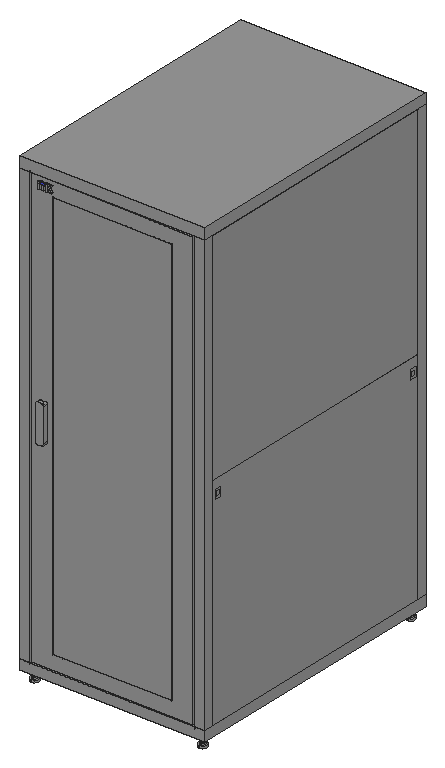
Revit family "ITK by ZPAS_Шкаф серверный_Напольный_42U-47U_IP20", category Электрооборудование, Revit 2019 (continued)
Types (48, lengths in mm): name | Ширина | Материал стекла (перфорации) | Материал | Комплект двери перфорированной распашной_ITK | Комплект двери перфорированной задней_ITK | Глубина | Высота общая | Высота | IEK_Цена за единицу | IEK_URL | ADSK_Наименование | ADSK_Масса | ADSK_Код изделия
  В2200хШ600хГ1000_Черный_P2P | 600 | Окраска - RAL 9005 перфорация | Окраска - RAL 9005 | yes | no | 1000 | 2243 | 2200 | 164217.5 | "https://www.itk-group.ru/produktsiya/catalog/oborudovanie_telekommunikatsionnoe/kompleksnye_resheniya_dlya_tsod/shkafy_i_aksessuary_dlya_tsod/shkafy_servernye_itk_by_zpas/itk_by_zpas_shkaf_servernyy_19_47u_600kh1000mm_dvukhdvernyy_chernyy" | "ITK by ZPAS Шкаф серв. 19\" 47U В2200хШ600хГ1000 двухдверный черный" | 114 | "ZP05-47U-0610-P2P"
  В2200хШ600хГ1000_Черный_PP | 600 | Окраска - RAL 9005 перфорация | Окраска - RAL 9005 | no | yes | 1000 | 2243 | 2200 | 156645.88 | "https://www.itk-group.ru/produktsiya/catalog/oborudovanie_telekommunikatsionnoe/kompleksnye_resheniya_dlya_tsod/shkafy_i_aksessuary_dlya_tsod/shkafy_servernye_itk_by_zpas/itk_by_zpas_shkaf_servernyy_19_47u_600kh1000mm_odnodvernyy_chernyy" | "ITK by ZPAS Шкаф серв. 19\" 47U В2200хШ600хГ1000 однодверный черный" | 113 | "ZP05-47U-0610-PP"
  В2200хШ600хГ1200_Черный_P2P | 600 | Окраска - RAL 9005 перфорация | Окраска - RAL 9005 | yes | no | 1200 | 2243 | 2200 | 167196.5 | "https://www.itk-group.ru/produktsiya/catalog/oborudovanie_telekommunikatsionnoe/kompleksnye_resheniya_dlya_tsod/shkafy_i_aksessuary_dlya_tsod/shkafy_servernye_itk_by_zpas/itk_by_zpas_shkaf_servernyy_19_47u_600kh1200mm_dvukhdvernyy_chernyy" | "ITK by ZPAS Шкаф серв. 19\" 47U В2200хШ600хГ1200 двухдверный черный" | 100 | "ZP05-47U-0612-P2P"
  В2200хШ600хГ1200_Черный_PP | 600 | Окраска - RAL 9005 перфорация | Окраска - RAL 9005 | no | yes | 1200 | 2243 | 2200 | 159624.88 | "https://www.itk-group.ru/produktsiya/catalog/oborudovanie_telekommunikatsionnoe/kompleksnye_resheniya_dlya_tsod/shkafy_i_aksessuary_dlya_tsod/shkafy_servernye_itk_by_zpas/itk_by_zpas_shkaf_servernyy_19_47u_600kh1200mm_odnodvernyy_chernyy" | "ITK by ZPAS Шкаф серв. 19\" 47U В2200хШ600хГ1200 однодверный черный" | 99 | "ZP05-47U-0612-PP"
  В2200хШ800хГ1000_Черный_P2P | 800 | Окраска - RAL 9005 перфорация | Окраска - RAL 9005 | yes | no | 1000 | 2243 | 2200 | 164217.5 | "https://www.itk-group.ru/produktsiya/catalog/oborudovanie_telekommunikatsionnoe/kompleksnye_resheniya_dlya_tsod/shkafy_i_aksessuary_dlya_tsod/shkafy_servernye_itk_by_zpas/itk_by_zpas_shkaf_servernyy_19_47u_800kh1000mm_dvukhdvernyy_chernyy" | "ITK by ZPAS Шкаф серв. 19\" 47U В2200хШ800хГ1000 двухдверный черный" | 104 | "ZP05-47U-0810-P2P"
  В2200хШ800хГ1000_Черный_PP | 800 | Окраска - RAL 9005 перфорация | Окраска - RAL 9005 | no | yes | 1000 | 2243 | 2200 | 156645.88 | "https://www.itk-group.ru/produktsiya/catalog/oborudovanie_telekommunikatsionnoe/kompleksnye_resheniya_dlya_tsod/shkafy_i_aksessuary_dlya_tsod/shkafy_servernye_itk_by_zpas/itk_by_zpas_shkaf_servernyy_19_47u_800kh1000mm_odnodvernyy_chernyy" | "ITK by ZPAS Шкаф серв. 19\" 47U В2200хШ800хГ1000 однодверный черный" | 103 | "ZP05-47U-0810-PP"
  В2200хШ800хГ1200_Черный_P2P | 800 | Окраска - RAL 9005 перфорация | Окраска - RAL 9005 | yes | no | 1200 | 2243 | 2200 | 167196.5 | "https://www.itk-group.ru/produktsiya/catalog/oborudovanie_telekommunikatsionnoe/kompleksnye_resheniya_dlya_tsod/shkafy_i_aksessuary_dlya_tsod/shkafy_servernye_itk_by_zpas/itk_by_zpas_shkaf_servernyy_19_47u_800kh1200mm_dvukhdvernyy_chernyy" | "ITK by ZPAS Шкаф серв. 19\" 47U В2200хШ800хГ1200 двухдверный черный" | 111 | "ZP05-47U-0812-P2P"
  В2200хШ800хГ1200_Черный_PP | 800 | Окраска - RAL 9005 перфорация | Окраска - RAL 9005 | no | yes | 1200 | 2243 | 2200 | 158000 | "https://www.itk-group.ru/produktsiya/catalog/oborudovanie_telekommunikatsionnoe/kompleksnye_resheniya_dlya_tsod/shkafy_i_aksessuary_dlya_tsod/shkafy_servernye_itk_by_zpas/itk_by_zpas_shkaf_servernyy_19_47u_800kh1200mm_odnodvernyy_chernyy" | "ITK by ZPAS Шкаф серв. 19\" 47U В2200хШ800хГ1200 однодверный черный" | 110 | "ZP05-47U-0812-PP"
  В2000хШ600хГ1000_Серый_P2P | 600 | Окраска - RAL 7035 перфорация | Окраска - RAL 7035 | yes | no | 1000 | 2043 | 2000 | 149237.08 | "https://www.itk-group.ru/produktsiya/catalog/oborudovanie_telekommunikatsionnoe/kompleksnye_resheniya_dlya_tsod/shkafy_i_aksessuary_dlya_tsod/shkafy_servernye_itk_by_zpas/itk_by_zpas_shkaf_servernyy_19_42u_600kh1000mm_dvukhdvernyy_seryy" | "ITK by ZPAS Шкаф серв. 19\" 42U В2000хШ600хГ1000 двухдверный серый" | 95 | "ZP35-42U-0610-P2P"
  В2000хШ600хГ1000_Серый_PP | 600 | Окраска - RAL 7035 перфорация | Окраска - RAL 7035 | no | yes | 1000 | 2043 | 2000 | 137725.6 | "https://www.itk-group.ru/produktsiya/catalog/oborudovanie_telekommunikatsionnoe/kompleksnye_resheniya_dlya_tsod/shkafy_i_aksessuary_dlya_tsod/shkafy_servernye_itk_by_zpas/itk_by_zpas_shkaf_servernyy_19_42u_600kh1000mm_odnodvernyy_seryy" | "ITK by ZPAS Шкаф серв. 19\" 42U В2000хШ600хГ1000 однодверный серый" | 94 | "ZP35-42U-0610-PP"
  В2000хШ600хГ1200_Серый_P2P | 600 | Окраска - RAL 7035 перфорация | Окраска - RAL 7035 | yes | no | 1200 | 2043 | 2000 | 155486.03 | "https://www.itk-group.ru/produktsiya/catalog/oborudovanie_telekommunikatsionnoe/kompleksnye_resheniya_dlya_tsod/shkafy_i_aksessuary_dlya_tsod/shkafy_servernye_itk_by_zpas/itk_by_zpas_shkaf_servernyy_19_42u_600kh1200mm_dvukhdvernyy_seryy" | "ITK by ZPAS Шкаф серв. 19\" 42U В2000хШ600хГ1200 двухдверный серый" | 106 | "ZP35-42U-0612-P2P"
  В2000хШ600хГ1200_Серый_PP | 600 | Окраска - RAL 7035 перфорация | Окраска - RAL 7035 | no | yes | 1200 | 2043 | 2000 | 146371.34 | "https://www.itk-group.ru/produktsiya/catalog/oborudovanie_telekommunikatsionnoe/kompleksnye_resheniya_dlya_tsod/shkafy_i_aksessuary_dlya_tsod/shkafy_servernye_itk_by_zpas/itk_by_zpas_shkaf_servernyy_19_42u_600kh1200mm_odnodvernyy_seryy" | "ITK by ZPAS Шкаф серв. 19\" 42U В2000хШ600хГ1200 однодверный серый" | 105 | "ZP35-42U-0612-PP"
  В2000хШ800хГ1000_Серый_P2P | 800 | Окраска - RAL 7035 перфорация | Окраска - RAL 7035 | yes | no | 1000 | 2043 | 2000 | 152378.9 | "https://www.itk-group.ru/produktsiya/catalog/oborudovanie_telekommunikatsionnoe/kompleksnye_resheniya_dlya_tsod/shkafy_i_aksessuary_dlya_tsod/shkafy_servernye_itk_by_zpas/itk_by_zpas_shkaf_servernyy_19_42u_800kh1000mm_dvukhdvernyy_seryy" | "ITK by ZPAS Шкаф серв. 19\" 42U В2000хШ800хГ1000 двухдверный серый" | 108 | "ZP35-42U-0810-P2P"
  В2000хШ800хГ1000_Серый_PP | 800 | Окраска - RAL 7035 перфорация | Окраска - RAL 7035 | no | yes | 1000 | 2043 | 2000 | 145033.39 | "https://www.itk-group.ru/produktsiya/catalog/oborudovanie_telekommunikatsionnoe/kompleksnye_resheniya_dlya_tsod/shkafy_i_aksessuary_dlya_tsod/shkafy_servernye_itk_by_zpas/itk_by_zpas_shkaf_servernyy_19_42u_800kh1000mm_odnodvernyy_seryy" | "ITK by ZPAS Шкаф серв. 19\" 42U В2000хШ800хГ1000 однодверный серый" | 107 | "ZP35-42U-0810-PP"
  В2000хШ800хГ1200_Серый_P2P | 800 | Окраска - RAL 7035 перфорация | Окраска - RAL 7035 | yes | no | 1200 | 2043 | 2000 | 148970.68 | "https://www.itk-group.ru/produktsiya/catalog/oborudovanie_telekommunikatsionnoe/kompleksnye_resheniya_dlya_tsod/shkafy_i_aksessuary_dlya_tsod/shkafy_servernye_itk_by_zpas/itk_by_zpas_shkaf_servernyy_19_42u_800kh1200mm_dvukhdvernyy_seryy" | "ITK by ZPAS Шкаф серв. 19\" 42U В2000хШ800хГ1200 двухдверный серый" | 165 | "ZP35-42U-0812-P2P"
  В2000хШ800хГ1200_Серый_PP | 800 | Окраска - RAL 7035 перфорация | Окраска - RAL 7035 | no | yes | 1200 | 2043 | 2000 | 146164.64 | "https://www.itk-group.ru/produktsiya/catalog/oborudovanie_telekommunikatsionnoe/kompleksnye_resheniya_dlya_tsod/shkafy_i_aksessuary_dlya_tsod/shkafy_servernye_itk_by_zpas/itk_by_zpas_shkaf_servernyy_19_42u_800kh1200mm_odnodvernyy_seryy" | "ITK by ZPAS Шкаф серв. 19\" 42U В2000хШ800хГ1200 однодверный серый" | 110 | "ZP35-42U-0812-PP"
  В2100хШ600хГ1000_Серый_P2P | 600 | Окраска - RAL 7035 перфорация | Окраска - RAL 7035 | yes | no | 1000 | 2143 | 2100 | 155156.36 | "https://www.itk-group.ru/produktsiya/catalog/oborudovanie_telekommunikatsionnoe/kompleksnye_resheniya_dlya_tsod/shkafy_i_aksessuary_dlya_tsod/shkafy_servernye_itk_by_zpas/itk_by_zpas_shkaf_servernyy_19_45u_600kh1000mm_dvukhdvernyy_seryy" | "ITK by ZPAS Шкаф серв. 19\" 45U В2100хШ600хГ1000 двухдверный серый" | 109 | "ZP35-45U-0610-P2P"
  В2100хШ600хГ1000_Серый_PP | 600 | Окраска - RAL 7035 перфорация | Окраска - RAL 7035 | no | yes | 1000 | 2143 | 2100 | 147584.74 | "https://www.itk-group.ru/produktsiya/catalog/oborudovanie_telekommunikatsionnoe/kompleksnye_resheniya_dlya_tsod/shkafy_i_aksessuary_dlya_tsod/shkafy_servernye_itk_by_zpas/itk_by_zpas_shkaf_servernyy_19_45u_600kh1000mm_odnodvernyy_seryy" | "ITK by ZPAS Шкаф серв. 19\" 45U В2100хШ600хГ1000 однодверный серый" | 108 | "ZP35-45U-0610-PP"
  В2100хШ600хГ1200_Серый_P2P | 600 | Окраска - RAL 7035 перфорация | Окраска - RAL 7035 | yes | no | 1200 | 2143 | 2100 | 158135.38 | "https://www.itk-group.ru/produktsiya/catalog/oborudovanie_telekommunikatsionnoe/kompleksnye_resheniya_dlya_tsod/shkafy_i_aksessuary_dlya_tsod/shkafy_servernye_itk_by_zpas/itk_by_zpas_shkaf_servernyy_19_45u_600kh1200mm_dvukhdvernyy_seryy" | "ITK by ZPAS Шкаф серв. 19\" 45U В2100хШ600хГ1200 двухдверный серый" | 111 | "ZP35-45U-0612-P2P"
  В2100хШ600хГ1200_Серый_PP | 600 | Окраска - RAL 7035 перфорация | Окраска - RAL 7035 | no | yes | 1200 | 2143 | 2100 | 150687.86 | "https://www.itk-group.ru/produktsiya/catalog/oborudovanie_telekommunikatsionnoe/kompleksnye_resheniya_dlya_tsod/shkafy_i_aksessuary_dlya_tsod/shkafy_servernye_itk_by_zpas/itk_by_zpas_shkaf_servernyy_19_45u_600kh1200mm_odnodvernyy_seryy" | "ITK by ZPAS Шкаф серв. 19\" 45U В2100хШ600хГ1200 однодверный серый" | 110 | "ZP35-45U-0612-PP"
  В2100хШ800хГ1000_Серый_P2P | 800 | Окраска - RAL 7035 перфорация | Окраска - RAL 7035 | yes | no | 1000 | 2143 | 2100 | 155156.36 | "https://www.itk-group.ru/produktsiya/catalog/oborudovanie_telekommunikatsionnoe/kompleksnye_resheniya_dlya_tsod/shkafy_i_aksessuary_dlya_tsod/shkafy_servernye_itk_by_zpas/itk_by_zpas_shkaf_servernyy_19_45u_800kh1000mm_dvukhdvernyy_seryy" | "ITK by ZPAS Шкаф серв. 19\" 45U В2100хШ800хГ1000 двухдверный серый" | 101 | "ZP35-45U-0810-P2P"
  В2100хШ800хГ1000_Серый_PP | 800 | Окраска - RAL 7035 перфорация | Окраска - RAL 7035 | no | yes | 1000 | 2143 | 2100 | 147584.74 | "https://www.itk-group.ru/produktsiya/catalog/oborudovanie_telekommunikatsionnoe/kompleksnye_resheniya_dlya_tsod/shkafy_i_aksessuary_dlya_tsod/shkafy_servernye_itk_by_zpas/itk_by_zpas_shkaf_servernyy_19_45u_800kh1000mm_odnodvernyy_seryy" | "ITK by ZPAS Шкаф серв. 19\" 45U В2100хШ800хГ1000 однодверный серый" | 100 | "ZP35-45U-0810-PP"
  В2100хШ800хГ1200_Серый_P2P | 800 | Окраска - RAL 7035 перфорация | Окраска - RAL 7035 | yes | no | 1200 | 2143 | 2100 | 158135.38 | "https://www.itk-group.ru/produktsiya/catalog/oborudovanie_telekommunikatsionnoe/kompleksnye_resheniya_dlya_tsod/shkafy_i_aksessuary_dlya_tsod/shkafy_servernye_itk_by_zpas/itk_by_zpas_shkaf_servernyy_19_45u_800kh1200mm_dvukhdvernyy_seryy" | "ITK by ZPAS Шкаф серв. 19\" 45U В2100хШ800хГ1200 двухдверный серый" | 112 | "ZP35-45U-0812-P2P"
  В2100хШ800хГ1200_Серый_PP | 800 | Окраска - RAL 7035 перфорация | Окраска - RAL 7035 | no | yes | 1200 | 2143 | 2100 | 150687.86 | "https://www.itk-group.ru/produktsiya/catalog/oborudovanie_telekommunikatsionnoe/kompleksnye_resheniya_dlya_tsod/shkafy_i_aksessuary_dlya_tsod/shkafy_servernye_itk_by_zpas/itk_by_zpas_shkaf_servernyy_19_45u_800kh1200mm_odnodvernyy_seryy" | "ITK by ZPAS Шкаф серв. 19\" 45U В2100хШ800хГ1200 однодверный серый" | 111 | "ZP35-45U-0812-PP"
  В2200хШ600хГ1000_Серый_P2P | 600 | Окраска - RAL 7035 перфорация | Окраска - RAL 7035 | yes | no | 1000 | 2243 | 2200 | 164217.5 | "https://www.itk-group.ru/produktsiya/catalog/oborudovanie_telekommunikatsionnoe/kompleksnye_resheniya_dlya_tsod/shkafy_i_aksessuary_dlya_tsod/shkafy_servernye_itk_by_zpas/itk_by_zpas_shkaf_servernyy_19_47u_600kh1000mm_dvukhdvernyy_seryy" | "ITK by ZPAS Шкаф серв. 19\" 47U В2200хШ600хГ1000 двухдверный серый" | 114 | "ZP35-47U-0610-P2P"
  В2200хШ600хГ1000_Серый_PP | 600 | Окраска - RAL 7035 перфорация | Окраска - RAL 7035 | no | yes | 1000 | 2243 | 2200 | 156645.88 | "https://www.itk-group.ru/produktsiya/catalog/oborudovanie_telekommunikatsionnoe/kompleksnye_resheniya_dlya_tsod/shkafy_i_aksessuary_dlya_tsod/shkafy_servernye_itk_by_zpas/itk_by_zpas_shkaf_servernyy_19_47u_600kh1000mm_odnodvernyy_seryy" | "ITK by ZPAS Шкаф серв. 19\" 47U В2200хШ600хГ1000 однодверный серый" | 113 | "ZP35-47U-0610-PP"
  В2200хШ600хГ1200_Серый_P2P | 600 | Окраска - RAL 7035 перфорация | Окраска - RAL 7035 | yes | no | 1200 | 2243 | 2200 | 167196.5 | "https://www.itk-group.ru/produktsiya/catalog/oborudovanie_telekommunikatsionnoe/kompleksnye_resheniya_dlya_tsod/shkafy_i_aksessuary_dlya_tsod/shkafy_servernye_itk_by_zpas/itk_by_zpas_shkaf_servernyy_19_47u_600kh1200mm_dvukhdvernyy_seryy" | "ITK by ZPAS Шкаф серв. 19\" 47U В2200хШ600хГ1200 двухдверный серый" | 100 | "ZP35-47U-0612-P2P"
  В2200хШ600хГ1200_Серый_PP | 600 | Окраска - RAL 7035 перфорация | Окраска - RAL 7035 | no | yes | 1200 | 2243 | 2200 | 159624.88 | "https://www.itk-group.ru/produktsiya/catalog/oborudovanie_telekommunikatsionnoe/kompleksnye_resheniya_dlya_tsod/shkafy_i_aksessuary_dlya_tsod/shkafy_servernye_itk_by_zpas/itk_by_zpas_shkaf_servernyy_19_47u_600kh1200mm_odnodvernyy_seryy" | "ITK by ZPAS Шкаф серв. 19\" 47U В2200хШ600хГ1200 однодверный серый" | 99 | "ZP35-47U-0612-PP"
  В2200хШ800хГ1000_Серый_P2P | 800 | Окраска - RAL 7035 перфорация | Окраска - RAL 7035 | yes | no | 1000 | 2243 | 2200 | 164217.5 | "https://www.itk-group.ru/produktsiya/catalog/oborudovanie_telekommunikatsionnoe/kompleksnye_resheniya_dlya_tsod/shkafy_i_aksessuary_dlya_tsod/shkafy_servernye_itk_by_zpas/itk_by_zpas_shkaf_servernyy_19_47u_800kh1000mm_dvukhdvernyy_seryy" | "ITK by ZPAS Шкаф серв. 19\" 47U В2200хШ800хГ1000 двухдверный серый" | 104 | "ZP35-47U-0810-P2P"
  В2200хШ800хГ1000_Серый_PP | 800 | Окраска - RAL 7035 перфорация | Окраска - RAL 7035 | no | yes | 1000 | 2243 | 2200 | 156645.88 | "https://www.itk-group.ru/produktsiya/catalog/oborudovanie_telekommunikatsionnoe/kompleksnye_resheniya_dlya_tsod/shkafy_i_aksessuary_dlya_tsod/shkafy_servernye_itk_by_zpas/itk_by_zpas_shkaf_servernyy_19_47u_800kh1000mm_odnodvernyy_seryy" | "ITK by ZPAS Шкаф серв. 19\" 47U В2200хШ800хГ1000 однодверный серый" | 103 | "ZP35-47U-0810-PP"
  В2200хШ800хГ1200_Серый_P2P | 800 | Окраска - RAL 7035 перфорация | Окраска - RAL 7035 | yes | no | 1200 | 2243 | 2200 | 167196.5 | "https://www.itk-group.ru/produktsiya/catalog/oborudovanie_telekommunikatsionnoe/kompleksnye_resheniya_dlya_tsod/shkafy_i_aksessuary_dlya_tsod/shkafy_servernye_itk_by_zpas/itk_by_zpas_shkaf_servernyy_19_47u_800kh1200mm_dvukhdvernyy_seryy" | "ITK by ZPAS Шкаф серв. 19\" 47U В2200хШ800хГ1200 двухдверный серый" | 111 | "ZP35-47U-0812-P2P"
  В2200хШ800хГ1200_Серый_PP | 800 | Окраска - RAL 7035 перфорация | Окраска - RAL 7035 | no | yes | 1200 | 2243 | 2200 | 158000 | "https://www.itk-group.ru/produktsiya/catalog/oborudovanie_telekommunikatsionnoe/kompleksnye_resheniya_dlya_tsod/shkafy_i_aksessuary_dlya_tsod/shkafy_servernye_itk_by_zpas/itk_by_zpas_shkaf_servernyy_19_47u_800kh1200mm_odnodvernyy_seryy" | "ITK by ZPAS Шкаф серв. 19\" 47U В2200хШ800хГ1200 однодверный серый" | 110 | "ZP35-47U-0812-PP"
